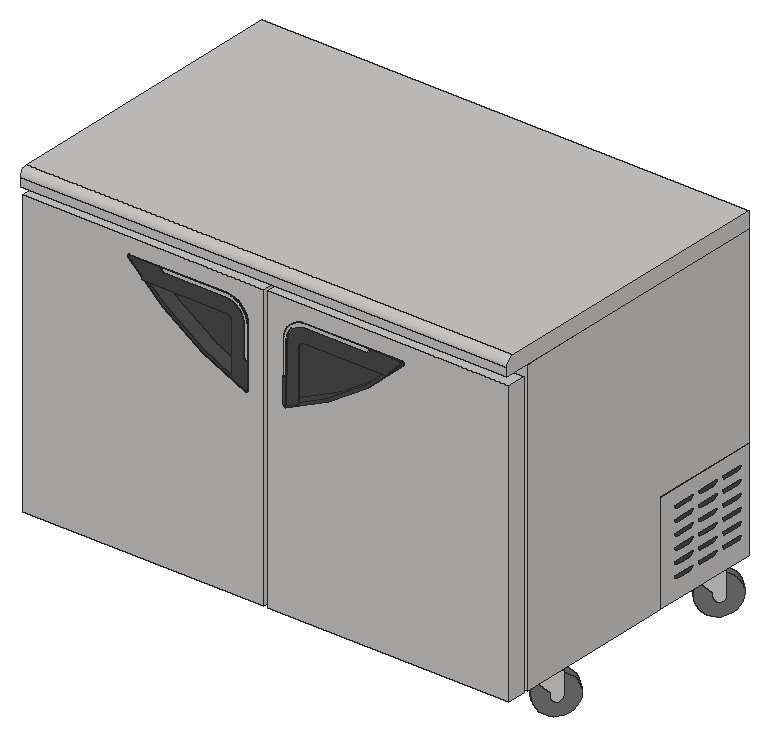
Revit family "QF_Turbo Air_TUF-48SD", category Specialty Equipment, Revit 2012
Parameters
  Weight in Pounds = 246
  Watermarked By = "http://revitwatermark.com"
  Volts = 115 V
  URL Cutsheet = ""
  URL = "www.turboairinc.com"
  Status [instance] = ""
  Specification by User [instance] = ""
  Specification by Manufacturer [instance] = ""
  Serial Number [instance] = ""
  Revision Code [instance] = ""
  Phase = 1
  Number of Poles [instance] = 1
  NAFEM Spec ID Number [instance] = ""
  Model = "TUF-48SD"
  Masterspec [instance] = ""
  Manufacturer = "Turbo Air"  # constant formula
  Legs [instance] = [6 inch Legs]  # no
  Item Number [instance] = "-"
  Installed By [instance] = ""
  HP = "1/2"
  Furnished By [instance] = ""
  Foodservice Equipment Identifier = yes
  FL Amps = 8.3 A
  Electrical Remarks [instance] = ""
  Electric Connection Type [instance] = ""
  Elec Conn RI Height [instance] = 0' - 0"
  Elec Conn Connection Height = 1' - 0"
  Description = "Undercounter Freezer"
  Cycle = 60 Hz
  Conn Plug = "NEMA 5-15P"
  Casters [instance] = not(Legs)  # yes
  CasterLeg Height [instance] = if([4 inch Casters], 0' 5", if([5 inch Casters], 0' 5 3/4", if([2_5 inch Casters], 0' 3 3/8", 0' 6")))  # 0' - 5"
  CSI MasterFormat = "11 41 13"
  Assembly Code = "E1090320"
  Apparent Power = if(Phase = 3, Volts * FL Amps * 1.73, Volts * FL Amps)  # 954.5 VA
  6 inch Legs [instance] = no
  5 inch Casters [instance] = no
  4 inch Casters [instance] = yes
  2_5 inch Casters [instance] = no
Reference planes (in)
  plane 1 "BACK": y = 0
  plane 2: z = 0
  plane 3 "LEFT": x = -20.78844
  plane 4 "Bottom": z = 5
  plane 5 "Back Stops": y = 1
  plane 6 "RIGHT": x = 27.46156
  plane 7 "FRONT": y = -30
  plane 8 "Door Clearance": y = -51.875
  plane 9 "Back of Door": y = -27.875
  plane 10 "Front of Box": y = -27.375
  plane 11 "Top of Door": z = 33.125
  plane 12 "TOP": z = 35.625
  plane 13 "Bottom of TOP": z = 34
  plane 14 "Center LR": x = 3.33656
  plane 15: x = 3.52406
  plane 16: x = 3.14906
Forms (in)
  Extrusion 1, solid, material "QF_Finishes_Stainless Steel"
    sketch origin (-20.78844, 0, 0) x (0, 1, 0) y (0, 0, 1)
      loop
        line (0, 5) -> (0, 34) -> (-27.375, 34) -> (-27.375, 5) -> (0, 5)
    from 0 to 48.25
  Extrusion 2, solid, material "QF_Finishes_Black"
    sketch origin (0, -27.375, 0) x (1, 0, 0) y (0, 0, 1)
      loop
        line (-19.78844, 32.125) -> (-19.78844, 6) -> (2.14906, 6) -> (2.14906, 32.125) -> (-19.78844, 32.125)
      loop
        line (4.52406, 32.125) -> (4.52406, 6) -> (26.46156, 6) -> (26.46156, 32.125) -> (4.52406, 32.125)
    from 0 to 0.5
  Extrusion 3, void
    sketch origin (27.46156, 0, 0) x (0, 1, 0) y (0, 0, 1)
      loop
        line (0, 5) -> (0, 15) -> (-11, 15) -> (-11, 5) -> (0, 5)
    from 0 to -1
  Extrusion 4, solid, material "QF_Finishes_Stainless Steel"
    sketch origin (27.46156, 0, 0) x (0, 1, 0) y (0, 0, 1)
      loop
        line (-10.875, 14.875) -> (-10.875, 5) -> (0, 5) -> (0, 14.875) -> (-10.875, 14.875)
      loop
        arc (-9.25, 13.5) -> (-9.10355, 13.14645) -> (-8.75, 13) r 0.5
        line (-8.75, 13) -> (-7.25, 13)
        arc (-7.25, 13) -> (-6.89645, 13.14645) -> (-6.75, 13.5) r 0.5
        line (-6.75, 13.5) -> (-9.25, 13.5)
      loop
        arc (-6.25, 13.5) -> (-6.10355, 13.14645) -> (-5.75, 13) r 0.5
        line (-5.75, 13) -> (-4.25, 13)
        arc (-4.25, 13) -> (-3.89645, 13.14645) -> (-3.75, 13.5) r 0.5
        line (-3.75, 13.5) -> (-6.25, 13.5)
      loop
        arc (-3.25, 13.5) -> (-3.10355, 13.14645) -> (-2.75, 13) r 0.5
        line (-2.75, 13) -> (-1.25, 13)
        arc (-1.25, 13) -> (-0.89645, 13.14645) -> (-0.75, 13.5) r 0.5
        line (-0.75, 13.5) -> (-3.25, 13.5)
      loop
        arc (-9.25, 12.25) -> (-9.10355, 11.89645) -> (-8.75, 11.75) r 0.5
        line (-8.75, 11.75) -> (-7.25, 11.75)
        arc (-7.25, 11.75) -> (-6.89645, 11.89645) -> (-6.75, 12.25) r 0.5
        line (-6.75, 12.25) -> (-9.25, 12.25)
      loop
        arc (-6.25, 12.25) -> (-6.10355, 11.89645) -> (-5.75, 11.75) r 0.5
        line (-5.75, 11.75) -> (-4.25, 11.75)
        arc (-4.25, 11.75) -> (-3.89645, 11.89645) -> (-3.75, 12.25) r 0.5
        line (-3.75, 12.25) -> (-6.25, 12.25)
      loop
        arc (-3.25, 12.25) -> (-3.10355, 11.89645) -> (-2.75, 11.75) r 0.5
        line (-2.75, 11.75) -> (-1.25, 11.75)
        arc (-1.25, 11.75) -> (-0.89645, 11.89645) -> (-0.75, 12.25) r 0.5
        line (-0.75, 12.25) -> (-3.25, 12.25)
      loop
        arc (-9.25, 11) -> (-9.10355, 10.64645) -> (-8.75, 10.5) r 0.5
        line (-8.75, 10.5) -> (-7.25, 10.5)
        arc (-7.25, 10.5) -> (-6.89645, 10.64645) -> (-6.75, 11) r 0.5
        line (-6.75, 11) -> (-9.25, 11)
      loop
        arc (-6.25, 11) -> (-6.10355, 10.64645) -> (-5.75, 10.5) r 0.5
        line (-5.75, 10.5) -> (-4.25, 10.5)
        arc (-4.25, 10.5) -> (-3.89645, 10.64645) -> (-3.75, 11) r 0.5
        line (-3.75, 11) -> (-6.25, 11)
      loop
        arc (-3.25, 11) -> (-3.10355, 10.64645) -> (-2.75, 10.5) r 0.5
        line (-2.75, 10.5) -> (-1.25, 10.5)
        arc (-1.25, 10.5) -> (-0.89645, 10.64645) -> (-0.75, 11) r 0.5
        line (-0.75, 11) -> (-3.25, 11)
      loop
        arc (-9.25, 9.75) -> (-9.10355, 9.39645) -> (-8.75, 9.25) r 0.5
        line (-8.75, 9.25) -> (-7.25, 9.25)
        arc (-7.25, 9.25) -> (-6.89645, 9.39645) -> (-6.75, 9.75) r 0.5
        line (-6.75, 9.75) -> (-9.25, 9.75)
      loop
        arc (-6.25, 9.75) -> (-6.10355, 9.39645) -> (-5.75, 9.25) r 0.5
        line (-5.75, 9.25) -> (-4.25, 9.25)
        arc (-4.25, 9.25) -> (-3.89645, 9.39645) -> (-3.75, 9.75) r 0.5
        line (-3.75, 9.75) -> (-6.25, 9.75)
      loop
        arc (-3.25, 9.75) -> (-3.10355, 9.39645) -> (-2.75, 9.25) r 0.5
        line (-2.75, 9.25) -> (-1.25, 9.25)
        arc (-1.25, 9.25) -> (-0.89645, 9.39645) -> (-0.75, 9.75) r 0.5
        line (-0.75, 9.75) -> (-3.25, 9.75)
      loop
        arc (-9.25, 8.5) -> (-9.10355, 8.14645) -> (-8.75, 8) r 0.5
        line (-8.75, 8) -> (-7.25, 8)
        arc (-7.25, 8) -> (-6.89645, 8.14645) -> (-6.75, 8.5) r 0.5
        line (-6.75, 8.5) -> (-9.25, 8.5)
      loop
        arc (-6.25, 8.5) -> (-6.10355, 8.14645) -> (-5.75, 8) r 0.5
        line (-5.75, 8) -> (-4.25, 8)
        arc (-4.25, 8) -> (-3.89645, 8.14645) -> (-3.75, 8.5) r 0.5
        line (-3.75, 8.5) -> (-6.25, 8.5)
      loop
        arc (-3.25, 8.5) -> (-3.10355, 8.14645) -> (-2.75, 8) r 0.5
        line (-2.75, 8) -> (-1.25, 8)
        arc (-1.25, 8) -> (-0.89645, 8.14645) -> (-0.75, 8.5) r 0.5
        line (-0.75, 8.5) -> (-3.25, 8.5)
      loop
        arc (-9.25, 7.25) -> (-9.10355, 6.89645) -> (-8.75, 6.75) r 0.5
        line (-8.75, 6.75) -> (-7.25, 6.75)
        arc (-7.25, 6.75) -> (-6.89645, 6.89645) -> (-6.75, 7.25) r 0.5
        line (-6.75, 7.25) -> (-9.25, 7.25)
      loop
        arc (-6.25, 7.25) -> (-6.10355, 6.89645) -> (-5.75, 6.75) r 0.5
        line (-5.75, 6.75) -> (-4.25, 6.75)
        arc (-4.25, 6.75) -> (-3.89645, 6.89645) -> (-3.75, 7.25) r 0.5
        line (-3.75, 7.25) -> (-6.25, 7.25)
      loop
        arc (-3.25, 7.25) -> (-3.10355, 6.89645) -> (-2.75, 6.75) r 0.5
        line (-2.75, 6.75) -> (-1.25, 6.75)
        arc (-1.25, 6.75) -> (-0.89645, 6.89645) -> (-0.75, 7.25) r 0.5
        line (-0.75, 7.25) -> (-3.25, 7.25)
    from 0 to -1
  Extrusion 5, solid, material "QF_Finishes_Black"
    sketch origin (27.46156, 0, 0) x (0, 1, 0) y (0, 0, 1)
      loop
        line (-9.875, 13.95221) -> (-9.875, 6.20221) -> (-0.375, 6.20221) -> (-0.375, 13.95221) -> (-9.875, 13.95221)
    from -0.125 to -1
  Extrusion 6, solid, material "QF_Finishes_Black"
    sketch origin (0, 0, 0) x (1, 0, 0) y (0, 0, 1)
      loop
        circle (-14.66344, 30.8125) r 0.5
      loop
        circle (21.33656, 30.8125) r 0.5
    from 0 to -1
  Extrusion 7, solid, material "QF_Finishes_Stainless Steel"
    sketch origin (0, 0, 0) x (1, 0, 0) y (0, 0, 1)
      loop
        circle (23.46156, 11.125) r 0.25
    from 0 to -0.0625
  Extrusion 8, solid, material "QF_Finishes_Polished Steel"
    sketch origin (-20.78844, 0, 0) x (0, 1, 0) y (0, 0, 1)
      loop
        line (0, 35.625) -> (-29.1875, 35.625)
        arc (-29.1875, 35.625) -> (-29.76202, 35.38702) -> (-30, 34.8125) r 0.8125
        line (-30, 34.8125) -> (-30, 34) -> (0, 34) -> (0, 35.625)
    from 0 to 48.25
Cuts and joins
  Extrusion 3 cuts Extrusion 1
Lines and regions (in)
  symbolic lines
    curve 1: line (-20.78844, 0, 35.875) -> (27.46156, 0, 35.875)
    curve 2: line (-20.78844, -30, 35.875) -> (-20.78844, 0, 35.875)
    curve 3: line (27.46156, -30, 35.875) -> (-20.78844, -30, 35.875)
    curve 4: line (27.46156, 0, 35.875) -> (27.46156, -30, 35.875)
    curve 5: line (20.83656, 1, 35.875) -> (21.83656, 1, 35.875)
    curve 6: line (-15.16344, 1, 35.875) -> (-14.16344, 1, 35.875)
    curve 7: line (-15.16344, 1, 35.875) -> (-15.16344, 0, 35.875)
    curve 8: line (-14.16344, 1, 35.875) -> (-14.16344, 0, 35.875)
    curve 9: line (20.83656, 1, 35.875) -> (20.83656, 0, 35.875)
    curve 10: line (21.83656, 1, 35.875) -> (21.83656, 0, 35.875)
  symbolic lines, style "QF_Clearances", detail levels coarse
    curve 11: line (27.46156, -30, 35.875) -> (27.46156, -51.875, 35.875)
    curve 12: arc (27.46156, -51.875, 35.875) -> (11.25971, -45.58093, 35.875) -> (3.55582, -30, 35.875) r 24
    curve 13: line (-20.78844, -30, 35.875) -> (-20.78844, -51.875, 35.875)
    curve 14: arc (-20.78844, -51.875, 35.875) -> (-4.58659, -45.58093, 35.875) -> (3.1173, -30, 35.875) r 24
Dimensions and locks (in)
  "CasterLeg Height": plane 4 "Bottom" to plane 2
  locked: plane 1 "BACK" to plane 5 "Back Stops" at 1
  locked: plane 6 "RIGHT" to plane 3 "LEFT" at 48.25
  locked: plane 7 "FRONT" to plane 1 "BACK" at 30
  locked: plane 9 "Back of Door" to plane 10 "Front of Box" at 0.5
  locked: plane 8 "Door Clearance" to plane 1 "BACK" at 51.875
  locked: plane 11 "Top of Door" to Extrusion 2 sketch curve at 1  (x2)
  locked: Extrusion 2 sketch curve to plane 3 "LEFT" at 1
  locked: Extrusion 2 sketch curve to plane 4 "Bottom" at 1  (x2)
  locked: Extrusion 3 sketch curve to plane 1 "BACK" at 11
  locked: Extrusion 3 sketch curve to plane 4 "Bottom" at 10
  locked: plane 4 "Bottom" to Extrusion 4 sketch curve at 9.875
  locked: Extrusion 4 sketch curve to plane 1 "BACK" at 10.875
  locked: Extrusion 5 sketch curve to Extrusion 5 sketch curve at 7.75
  locked: Extrusion 5 sketch curve to plane 4 "Bottom" at 1.20221
  locked: Extrusion 5 sketch curve to Extrusion 5 sketch curve at 9.5
  locked: Extrusion 5 sketch curve to plane 1 "BACK" at 0.375
  locked: nested 2 to plane 1 "BACK" at 2.5625
  locked: plane 3 "LEFT" to nested 2 at 2.5
  locked: plane 3 "LEFT" to nested 3 at 2.5
  locked: plane 10 "Front of Box" to nested 3 at 4.625
  locked: nested 4 to plane 6 "RIGHT" at 2.5
  locked: nested 5 to plane 6 "RIGHT" at 2.5
  locked: plane 10 "Front of Box" to nested 5 at 4.625
  locked: nested 4 to plane 1 "BACK" at 2.5625
  locked: plane 6 "RIGHT" to Extrusion 6 sketch curve at 6.125
  locked: Extrusion 6 sketch curve to plane 3 "LEFT" at 6.125
  locked: Extrusion 7 sketch curve to plane 4 "Bottom" at 6.125
  locked: plane 6 "RIGHT" to Extrusion 7 sketch curve at 4
  locked: plane 12 "TOP" to plane 4 "Bottom" at 30.625
  locked: plane 12 "TOP" to plane 13 "Bottom of TOP" at 1.625
  locked: plane 13 "Bottom of TOP" to plane 11 "Top of Door" at 0.875
  plane 9 "Back of Door" to plane 1 "BACK" = 2' - 3 7/8"
  equal spacing: plane 3 "LEFT", plane 14 "Center LR", plane 6 "RIGHT"
  plane 16 to plane 14 "Center LR" to plane 15 = 0' - 0 3/16" locked, 0' - 0 3/16" locked
  locked: Extrusion 2 sketch curve to plane 16 at 1
  locked: Extrusion 2 sketch curve to plane 6 "RIGHT" at 1
  locked: Extrusion 2 sketch curve to plane 15 at 1
  aligned and locked: level to plane 2
  aligned and locked: plane 6 "RIGHT" to nested 1
  aligned and locked: Extrusion 1 sketch curve to plane 1 "BACK"
  aligned and locked: Extrusion 1 sketch curve to plane 4 "Bottom"
  aligned and locked: plane 10 "Front of Box" to Extrusion 1 sketch curve
  aligned and locked: plane 6 "RIGHT" to Extrusion 1
  aligned and locked: plane 9 "Back of Door" to Extrusion 2
  aligned and locked: Extrusion 3 sketch curve to plane 1 "BACK"
  aligned and locked: Extrusion 3 sketch curve to plane 4 "Bottom"
  aligned and locked: Extrusion 6 to plane 5 "Back Stops"
  aligned and locked: plane 1 "BACK" to curve 1
  aligned and locked: curve 4 to plane 6 "RIGHT"
  aligned and locked: plane 3 "LEFT" to curve 2
  aligned and locked: curve 3 to plane 7 "FRONT"
  aligned and locked: curve 5 to Extrusion 6
  aligned and locked: curve 6 to Extrusion 6
  aligned and locked: Extrusion 1 sketch curve to plane 13 "Bottom of TOP"
  aligned and locked: plane 1 "BACK" to Extrusion 8 sketch curve
  aligned and locked: plane 13 "Bottom of TOP" to Extrusion 8 sketch curve
  aligned and locked: Extrusion 8 sketch curve to plane 7 "FRONT"
  aligned and locked: Extrusion 8 sketch curve to plane 12 "TOP"
  aligned and locked: plane 6 "RIGHT" to Extrusion 8
  aligned and locked: nested 6 to plane 4 "Bottom"
  aligned and locked: plane 4 "Bottom" to nested 1
Automatic sketch dimensions
  Extrusion 4 sketch curve to plane 1 "BACK" = 0' - 0"
  Extrusion 4 sketch curve to plane 4 "Bottom" = 0' - 0"
  Extrusion 4 sketch curve to Extrusion 4 sketch curve = 0' - 1 5/8"
  Extrusion 4 sketch curve to Extrusion 4 sketch curve = 0' - 0"  (x16)
  Extrusion 4 sketch curve to Extrusion 4 sketch curve = 0' - 0 1/2"  (x31)
  Extrusion 4 sketch curve to Extrusion 4 sketch curve = 0' - 1 1/2"  (x4)
  plane 1 "BACK" to Extrusion 4 sketch curve = 0' - 1 1/4"  (x3)
  plane 4 "Bottom" to Extrusion 4 sketch curve = 0' - 1 3/4"  (x2)
  Extrusion 4 sketch curve to Extrusion 4 sketch curve = 0' - 0 3/4"  (x15)
  Extrusion 6 sketch curve to plane 11 "Top of Door" = 0' - 2 5/16"  (x2)
  Extrusion 8 sketch curve to plane 7 "FRONT" = 0' - 0 13/16"
  plane 8 "Door Clearance" to curve 11 = 0' - 0"
  plane 8 "Door Clearance" to curve 14 = 0' - 0"
  plane 9 "Back of Door" to curve 12 = 0' - 0"
  plane 9 "Back of Door" to curve 14 = 0' - 0"
  curve 10 to plane 6 "RIGHT" = 0' - 5 5/8"
  curve 5 to curve 9 = 0' - 1"
  plane 3 "LEFT" to curve 8 = 0' - 6 5/8"
  curve 6 to curve 7 = 0' - 1"
  radius of Extrusion 6 sketch curve = 0' - 0 1/2"  (x2)
  radius of Extrusion 7 sketch curve = 0' - 0 1/4"
Nested families (in)
  nested 1: "QF_Turbo Air_TBL_Door-2" at (12.28489, -27.875, 5) x (-1, 0, 0) z (0, 0, 1), type "QF_Turbo Air_TBL_Door-2"
    with Width 1' - 11 15/16", Symbolic Lines no, Height 2' - 4 1/8", Depth 0' - 1 13/16"
  nested 2: "FESCasterLeg" at (-18.28844, -2.5625, 0), Legs <- "Legs", Casters <- "Casters", Height <- "CasterLeg Height", type "FESCasterLeg"
    with Legs no, Height 0' - 5", Casters yes, Caster Radius 0' - 2"
  nested 3: "FESCasterLeg" at (-18.28844, -22.75, 0), Legs <- "Legs", Casters <- "Casters", Height <- "CasterLeg Height", type "FESCasterLeg"
    with Legs no, Height 0' - 5", Casters yes, Caster Radius 0' - 2"
  nested 4: "FESCasterLeg" at (24.96156, -2.5625, 0), Legs <- "Legs", Casters <- "Casters", Height <- "CasterLeg Height", type "FESCasterLeg"
    with Legs no, Height 0' - 5", Casters yes, Caster Radius 0' - 2"
  nested 5: "FESCasterLeg" at (24.96156, -22.75, 0), Legs <- "Legs", Casters <- "Casters", Height <- "CasterLeg Height", type "FESCasterLeg"
    with Legs no, Height 0' - 5", Casters yes, Caster Radius 0' - 2"
  nested 6: "QF_Turbo Air_TBL_Door-2" at (-5.61177, -27.875, 5), type "QF_Turbo Air_TBL_Door-2"
    with Width 1' - 11 15/16", Symbolic Lines no, Height 2' - 4 1/8", Depth 0' - 1 13/16"
Connectors (in)
  electrical at (23.46156, 0.0625, 11.125), driven by "Number of Poles", driven by "Volts", driven by "Apparent Power"
    settings: on Extrusion 7, index 1, voltage 115 V, apparent load 954.5 VA, apparent load phase1 0 VA, apparent load phase2 0 VA, apparent load phase3 0 VA, power factor 1, load classification "Other", number of poles 1, system type 30, power factor state 1, is connector primary yes, connector utility no, sub classification motor no, connector description ""
Definition of nested family "QF_Turbo Air_TBL_Door-2"
  Parameters (values of type "QF_Turbo Air_TBL_Door-2")
    Width [instance] = 1' - 6"
    Watermarked By = "http://revitwatermark.com"
    Symbolic Lines [instance] = yes
    Manufacturer = "Turbo Air"  # constant formula
    Height [instance] = 2' - 3 1/2"
    Depth [instance] = 0' - 1 13/16"
  Reference planes (in)
    plane 1 "BACK": y = 0
    plane 2: z = 0
    plane 3 "LEFT": x = -15.17667
    plane 4: x = 2.82333
    plane 5 "FRONT": y = -1.8125
    plane 6: z = 27.5
  Forms (in)
    Extrusion 1, solid, material "QF_Finishes_Stainless Steel"
      sketch origin (0, 0, 0) x (1, 0, 0) y (0, 0, 1)
        loop
          line (-15.17667, 27.5) -> (-15.17667, 0) -> (2.82333, 0) -> (2.82333, 27.5) -> (-15.17667, 27.5)
        loop
          arc (1.26083, 23.75) -> (0.62013, 25.2968) -> (-0.92667, 25.9375) r 2.1875
          line (-0.92667, 25.9375) -> (-10.51602, 25.9375)
          arc (-10.51602, 25.9375) -> (-10.68463, 25.82502) -> (-10.64553, 25.62614) r 0.18261
          arc (-10.64553, 25.62614) -> (-5.27313, 21.0225) -> (1.01159, 17.7731) r 30.65514
          arc (1.01159, 17.7731) -> (1.18191, 17.79728) -> (1.26083, 17.95014) r 0.1875
          line (1.26083, 17.95014) -> (1.26083, 23.75)
      from 0 to 1.8125
    Extrusion 2, solid, material "QF_Finishes_Black"
      sketch origin (0, 0, 0) x (1, 0, 0) y (0, 0, 1)
        loop
          arc (-10.51602, 25.9375) -> (-10.68463, 25.82502) -> (-10.64553, 25.62614) r 0.18261
          arc (-10.64553, 25.62614) -> (-5.27313, 21.0225) -> (1.01159, 17.7731) r 30.65514
          arc (1.01159, 17.7731) -> (1.18191, 17.79728) -> (1.26083, 17.95014) r 0.1875
          line (1.26083, 17.95014) -> (1.26083, 23.75)
          arc (1.26083, 23.75) -> (0.62013, 25.2968) -> (-0.92667, 25.9375) r 2.1875
          line (-0.92667, 25.9375) -> (-10.51602, 25.9375)
      from 0 to 0.25
    Extrusion 3, solid, material "QF_Finishes_Black"
      sketch origin (0, -1.8125, 0) x (1, 0, 0) y (0, 0, 1)
        loop
          arc (-10.51602, 25.9375) -> (-10.68463, 25.82502) -> (-10.64553, 25.62614) r 0.18261
          arc (-10.64553, 25.62614) -> (-5.27313, 21.0225) -> (1.01159, 17.7731) r 30.65514
          arc (1.01159, 17.7731) -> (1.18191, 17.79728) -> (1.26083, 17.95014) r 0.1875
          line (1.26083, 17.95014) -> (1.26083, 23.75)
          arc (1.26083, 23.75) -> (0.62013, 25.2968) -> (-0.92667, 25.9375) r 2.1875
          line (-0.92667, 25.9375) -> (-10.51602, 25.9375)
        loop
          arc (-10.3612, 25.6875) -> (-5.1116, 21.21513) -> (1.01083, 18.04082) r 30.40514
          line (1.01083, 18.04082) -> (1.01083, 23.75)
          arc (1.01083, 23.75) -> (0.44335, 25.12002) -> (-0.92667, 25.6875) r 1.9375
          line (-0.92667, 25.6875) -> (-10.3612, 25.6875)
      from 0 to -1.5625
    Extrusion 4, solid, material "QF_Finishes_Stainless Steel"
      sketch origin (0, -1.8125, 0) x (1, 0, 0) y (0, 0, 1)
        loop
          line (0.8693, 23.74703) -> (0.8693, 20.9359)
          arc (0.8693, 20.9359) -> (0.97619, 20.67783) -> (1.23426, 20.57094) r 0.36497
          line (1.23426, 20.57094) -> (1.23426, 23.75728)
          arc (1.23426, 23.75728) -> (0.60343, 25.28026) -> (-0.91955, 25.9111) r 2.15381
          line (-0.91955, 25.9111) -> (-7.29364, 25.9111)
          arc (-7.29364, 25.9111) -> (-7.18686, 25.6533) -> (-6.92907, 25.54652) r 0.36457
          line (-6.92907, 25.54652) -> (-0.9302, 25.54652)
          arc (-0.9302, 25.54652) -> (0.34224, 25.01946) -> (0.8693, 23.74703) r 1.79949
      from 0 to 0.0625
    Extrusion 5, solid, material "QF_Finishes_Black"
      sketch origin (0, -1.8125, 0) x (1, 0, 0) y (0, 0, 1)
        loop
          line (-7.29579, 25.91713) -> (-10.23685, 25.91713)
          arc (-10.23685, 25.91713) -> (-10.4057, 25.80626) -> (-10.37109, 25.60724) r 0.18402
          arc (-10.37109, 25.60724) -> (-9.82156, 25.0362) -> (-9.25736, 24.47964) r 30.46741
          arc (-9.25736, 24.47964) -> (-9.13766, 24.40221) -> (-8.99771, 24.37509) r 0.37471
          line (-8.99771, 24.37509) -> (-0.92669, 24.37509)
          arc (-0.92669, 24.37509) -> (-0.48472, 24.19202) -> (-0.30165, 23.75005) r 0.62505
          line (-0.30165, 23.75005) -> (-0.30165, 18.75593)
          arc (-0.30165, 18.75593) -> (-0.23944, 18.54909) -> (-0.07345, 18.41087) r 0.375
          arc (-0.07345, 18.41087) -> (0.46451, 18.18804) -> (1.00663, 17.97553) r 30.46765
          arc (1.00663, 17.97553) -> (1.17982, 17.99636) -> (1.26095, 18.15079) r 0.18755
          line (1.26095, 18.15079) -> (1.26095, 20.57213)
          arc (1.26095, 20.57213) -> (0.98629, 20.66883) -> (0.87001, 20.93579) r 0.36461
          line (0.87001, 20.93579) -> (0.87001, 23.74835)
          arc (0.87001, 23.74835) -> (0.34256, 25.02175) -> (-0.93084, 25.54921) r 1.80086
          line (-0.93084, 25.54921) -> (-6.92787, 25.54921)
          arc (-6.92787, 25.54921) -> (-7.18803, 25.65697) -> (-7.29579, 25.91713) r 0.36792
      from 0 to 0.0625
  Lines and regions (in)
    symbolic lines, visible <- "Symbolic Lines"
      curve 1: line (-15.17667, 0, 25.96875) -> (2.82333, 0, 25.96875)
      curve 2: line (-15.17667, -1.8125, 25.96875) -> (-15.17667, 0, 25.96875)
      curve 3: line (2.82333, -1.8125, 25.96875) -> (-15.17667, -1.8125, 25.96875)
      curve 4: line (2.82333, 0, 25.96875) -> (2.82333, -1.8125, 25.96875)
  Dimensions and locks (in)
    "Width": plane 4 to plane 3 "LEFT"
    "Depth": plane 5 "FRONT" to plane 1 "BACK"
    "Height": plane 6 to plane 2
    locked: plane 4 to Extrusion 1 sketch curve at 3.75
    locked: plane 6 to Extrusion 1 sketch curve at 3.75
    locked: plane 6 to Extrusion 1 sketch curve at 9.54986
    locked: plane 4 to Extrusion 1 sketch curve at 1.5625
    locked: plane 6 to Extrusion 1 sketch curve at 1.5625
    locked: plane 4 to Extrusion 1 sketch curve at 13.33935
    locked: plane 6 to Extrusion 1 sketch curve at 1.87386
    locked: plane 6 to Extrusion 1 sketch curve at 9.7269
    locked: plane 4 to Extrusion 1 sketch curve at 1.81175
    locked: plane 4 to Extrusion 1 sketch curve at 13.46886
    locked: Extrusion 4 sketch curve to Extrusion 4 sketch curve at 0.36457
    locked: Extrusion 4 sketch curve to Extrusion 4 sketch curve at 0.36497
    locked: plane 4 to Extrusion 4 sketch curve at 1.58907
    locked: plane 6 to Extrusion 4 sketch curve at 1.5889
    plane 4 to Extrusion 4 sketch curve = 0' - 10.11697"
    locked: plane 4 to Extrusion 4 sketch curve at 9.7524
    locked: plane 4 to Extrusion 4 sketch curve at 3.74288
    locked: plane 4 to Extrusion 4 sketch curve at 3.75353
    locked: plane 6 to Extrusion 4 sketch curve at 3.74272
    locked: plane 6 to Extrusion 4 sketch curve at 3.75297
    locked: plane 6 to Extrusion 4 sketch curve at 6.92906
    locked: plane 6 to Extrusion 4 sketch curve at 6.5641
    locked: plane 4 to Extrusion 2 sketch curve at 3.75
    locked: plane 4 to Extrusion 2 sketch curve at 13.33935
    locked: plane 4 to Extrusion 2 sketch curve at 13.46886
    locked: plane 4 to Extrusion 2 sketch curve at 1.81175
    locked: plane 4 to Extrusion 2 sketch curve at 1.5625
    locked: plane 4 to Extrusion 5 sketch curve at 1.56238
    locked: plane 4 to Extrusion 5 sketch curve at 1.95332
    locked: plane 4 to Extrusion 5 sketch curve at 3.75417
    locked: plane 4 to Extrusion 5 sketch curve at 9.75121
    locked: plane 4 to Extrusion 5 sketch curve at 10.11912
    locked: plane 4 to Extrusion 5 sketch curve at 13.06018
    locked: plane 4 to Extrusion 5 sketch curve at 13.19443
    locked: plane 4 to Extrusion 5 sketch curve at 12.0807
    locked: plane 4 to Extrusion 5 sketch curve at 11.82104
    locked: plane 4 to Extrusion 5 sketch curve at 3.75003
    locked: plane 4 to Extrusion 5 sketch curve at 3.12498
    locked: plane 4 to Extrusion 5 sketch curve at 2.89679
    locked: plane 4 to Extrusion 5 sketch curve at 1.81671
    aligned and locked: level to plane 2
    aligned and locked: Extrusion 1 sketch curve to plane 6
    aligned and locked: plane 3 "LEFT" to Extrusion 1 sketch curve
    aligned and locked: level to Extrusion 1 sketch curve
    aligned and locked: Extrusion 1 sketch curve to plane 4
    aligned and locked: plane 5 "FRONT" to Extrusion 1
    aligned and locked: plane 1 "BACK" to curve 1
    aligned and locked: plane 3 "LEFT" to curve 2
    aligned and locked: curve 3 to plane 5 "FRONT"
    aligned and locked: curve 4 to plane 4
    aligned and locked: Extrusion 3 sketch curve to Extrusion 1  (x4)
  Automatic sketch dimensions
    plane 4 to Extrusion 1 sketch curve = 0' - 9.03101"
    Extrusion 2 sketch curve to plane 6 = 0' - 1 9/16"
    Extrusion 2 sketch curve to Extrusion 2 sketch curve = 0' - 5.79986"
    Extrusion 2 sketch curve to Extrusion 2 sketch curve = 0' - 0.31136"
    plane 4 to Extrusion 2 sketch curve = 0' - 9.03101"
    Extrusion 2 sketch curve to Extrusion 2 sketch curve = 0' - 0.17704"
    Extrusion 3 sketch curve to Extrusion 3 sketch curve = 0' - 0.12951"
    Extrusion 3 sketch curve to Extrusion 3 sketch curve = 0' - 0.15482"
    Extrusion 3 sketch curve to Extrusion 3 sketch curve = 0' - 0"  (x4)
    Extrusion 3 sketch curve to Extrusion 3 sketch curve = 0' - 0.00075"
    Extrusion 3 sketch curve to Extrusion 3 sketch curve = 0' - 0.09068"
    Extrusion 5 sketch curve to Extrusion 5 sketch curve = 0' - 0"  (x4)
    Extrusion 5 sketch curve to Extrusion 5 sketch curve = 0' - 0.00072"
    Extrusion 5 sketch curve to Extrusion 5 sketch curve = 0' - 2.81256"
    Extrusion 5 sketch curve to Extrusion 5 sketch curve = 0' - 0.36461"
    Extrusion 5 sketch curve to Extrusion 5 sketch curve = 0' - 1.8162"
    Extrusion 5 sketch curve to plane 6 = 0' - 1.89276"
    Extrusion 5 sketch curve to Extrusion 5 sketch curve = 0' - 0.14681"
    Extrusion 5 sketch curve to Extrusion 5 sketch curve = 0' - 0.06678"
    Extrusion 5 sketch curve to plane 6 = 0' - 1.58287"
Definition of nested family "FESCasterLeg"
  Parameters (values of type "FESCasterLeg")
    Watermarked By = "http://revitwatermark.com"
    Type Comments = "⍁⍉⌁⌀⏭⎽⌇⍠⌜⍉⎖⌥⌦⌯⍭⏊⍻⍿⍊⏵⍊⏗⏠⍴⎡⌈⎀⍠⌓⌤⏘⎐⍀⌐⏬⏁⎈⏍⏦⎒⏬⌝⍩⍇⌣〈⎫〉⎁⏊⍥⍖⍥⍝⍦⌖⍀⏌⏭⎝⎼⏷⏞⍻⏯⎽⏷⏞⍻⏯⎽⏷⎺⌻⎝⍎⌧⏷⏟⏿⌿⍜⍦⍤⌁⍬⏶⏎⍊⏚⏉⎞⌡⎀⎪⏈⌟⌿⍾⍼⌟⌿⌢⌞⏜⏝⎽⍷⍷⍯⍧⍷⌯⍽⏸⏨⏾⏎⌣⏺⍹⏼⏅⎏⌽⎫⎪⍙⎓⏗⎗⏅⌴⍏⍏⍿⏑⎺⍘⌭⏲⍥⎛⎾⎾⍞⍌⎪⎲⌙⎥⏏⎟⎟⏼⏘⎏⎝⏧⏍⏁⍏⍧⏯⏾⌟"
    Legs [instance] = yes
    Height [instance] = 0' - 6"
    Caster Radius [instance] = if(Height < 0' 3", 0' 1", (Height / 2) - 0' 0 1/2")  # 0' - 2 1/2"
    Casters [instance] = yes
    Assembly Code = ""
  Reference planes (in)
    plane 1 "Center (Front/Back)": y = 0
    plane 2: z = 0
    plane 3 "Center (Left/Right)": x = 0
    plane 4: z = 6
    plane 5: z = 5.5
  Forms (in)
    Extrusion 1, solid, material "QF_Finishes_Stainless Steel", visible <- "Casters"
      sketch origin (-24.12131, -22.88887, 10.18833) x (0.707107, 0.707107, 0) y (0, 0, 1)
        loop
          line (34.98772, -7.68833) -> (34.98772, -4.93833) -> (34.48772, -4.93833) -> (34.39402, -4.68833) -> (32.39402, -4.68833) -> (32.39402, -5.43833) -> (33.98772, -7.34206) -> (33.98772, -7.68833)
          arc (33.98772, -7.68833) -> (34.48772, -8.18833) -> (34.98772, -7.68833) r 0.5
      from 0 to 1.75
    Extrusion 2, solid, material "QF_Finishes_Rubber Black", visible <- "Casters"
      sketch origin (-24.32327, -23.09083, 13.31461) x (0.707107, 0.707107, 0) y (0, 0, 1)
        loop
          circle (34.77334, -10.81461) r 2.5
      from 0.375 to 1.375
    Extrusion 3, solid, material "QF_Finishes_Stainless Steel", visible <- "Casters"
      sketch origin (-7.24148, -8.48391, 0) x (0.707107, 0.707107, 0) y (0, 0, 1)
        loop
          line (10.61603, 5.5) -> (11.61603, 5.5) -> (11.61603, 6) -> (10.61603, 6) -> (10.61603, 5.5)
      from 0 to -1.75
    Blend 4, solid, material "QF_Finishes_Stainless Steel", visible <- "Legs"
      base sketch origin (0, 0, 0) x (1, 0, 0) y (0, 1, 0)
        loop
          circle (0, 0) r 0.5
      top sketch origin (0, 0, 0) x (1, 0, 0) y (0, 1, 0)
        loop
          circle (0, 0) r 1
      from 0 to 6 <- "Height"
  Lines and regions (in)
    symbolic lines, style "QF_Hidden Details", visible <- "Casters", built-in parameter 1006206 <- "Casters"
      curve 1: line (-1.26158, -0.51911, 0) -> (1.39007, 2.13254, 0)
      curve 2: line (-0.53429, -1.24639, 0) -> (2.11736, 1.40526, 0)
    symbolic lines, style "QF_Hidden Details", built-in parameter 1006206 <- "Casters", visible <- "Casters"
      curve 3: line (-1.26158, -0.51911, 0) -> (1.39007, 2.13254, 0)
      curve 4: line (-0.53429, -1.24639, 0) -> (2.11736, 1.40526, 0)
  Dimensions and locks (in)
    locked: plane 4 to plane 5 at 0.5
    "Height": plane 4 to level
    "Caster Radius": Extrusion 2 sketch curve to level
    "Caster Radius": Extrusion 1 sketch curve to level
    "Caster Radius": radius of Extrusion 2 sketch curve
    aligned and locked: plane 2 to level
    aligned: Blend 4 to Extrusion 3
    aligned and locked: plane 4 to Blend 4
    aligned and locked: Extrusion 3 to plane 5
    aligned and locked: plane 4 to Extrusion 3
    aligned and locked: plane 5 to Extrusion 1
  Automatic sketch dimensions
    plane 1 "Center (Front/Back)" to curve 3 = 0' - 0.51911"
    curve 3 to plane 3 "Center (Left/Right)" = 0' - 1.26158"
    plane 1 "Center (Front/Back)" to curve 1 = 0' - 0.51911"
    curve 1 to curve 3 = 0' - 0"  (x3)
    curve 4 to plane 3 "Center (Left/Right)" = 0' - 0.53429"
    curve 2 to curve 4 = 0' - 0"  (x2)
    plane 3 "Center (Left/Right)" to curve 3 = 0' - 1.39007"
    curve 1 to curve 4 = 0' - 0.72729"
    curve 2 to curve 1 = 0' - 0.72729"
    curve 4 to curve 2 = 0' - 0"  (x2)
    curve 2 to plane 1 "Center (Front/Back)" = 0' - 1.40526"
    curve 2 to curve 3 = 0' - 0.72729"
    plane 5 to Extrusion 1 sketch curve = 0' - 0"
    Extrusion 1 sketch curve to Extrusion 1 sketch curve = 0' - 1.5937"
    Extrusion 1 sketch curve to Extrusion 1 sketch curve = 0' - 2"
    Extrusion 1 sketch curve to Extrusion 1 sketch curve = 0' - 0.0937"
    Extrusion 1 sketch curve to Extrusion 1 sketch curve = 0' - 0 1/2"
    Extrusion 1 sketch curve to Extrusion 1 sketch curve = 0' - 0.34627"
    Extrusion 1 sketch curve to plane 5 = 0' - 0 3/4"
    Extrusion 1 sketch curve to plane 5 = 0' - 0 1/4"
    Extrusion 3 sketch curve to plane 5 = 0' - 0"
    plane 4 to Extrusion 3 sketch curve = 0' - 0"
    Extrusion 3 sketch curve to Extrusion 3 sketch curve = 0' - 1"
    plane 1 "Center (Front/Back)" to Blend 4 sketch curve = 0' - 0"  (x2)
    Blend 4 sketch curve to plane 3 "Center (Left/Right)" = 0' - 0"  (x2)
    radius of Blend 4 sketch curve = 0' - 0 1/2"
    radius of Blend 4 sketch curve = 0' - 1"
